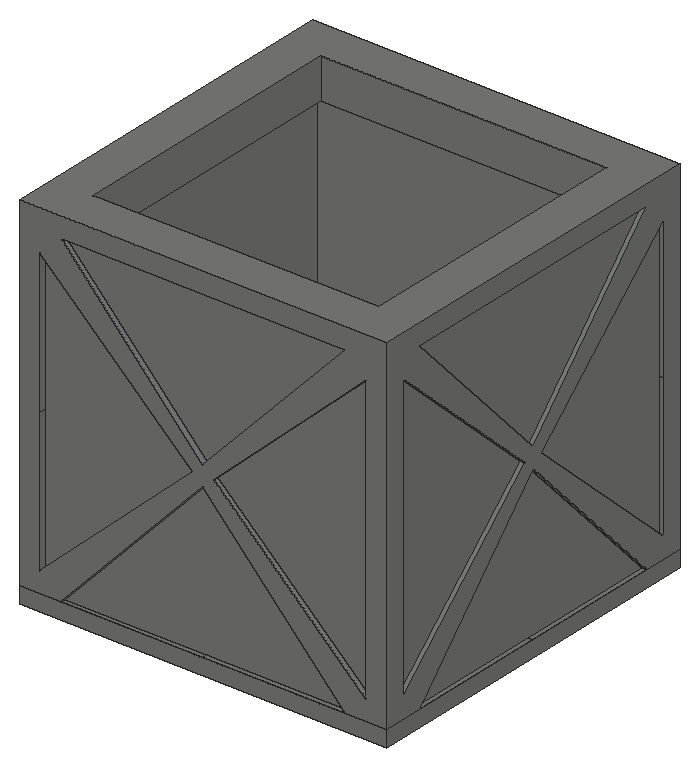
Revit family "Specialty_Equipment-Fiberglass_Planter-Planters_Unlimited-Xander-Rectangular & Square", category Specialty Equipment, Revit 2023
Family settings
  Round Connector Dimension = Use Diameter
  Part Type = Normal
  OmniClass Number = 23.40.05.21.17
  OmniClass Title = Planters
  Work Plane-Based = No
  Enable Cutting in Views = No
  Always vertical = Yes
  Cut with Voids When Loaded = No
  Maintain Annotation Orientation = No
  Shared = No
  Room Calculation Point = No
Parameters (values of type "18"L x 18"W x 18"H")
  URL = "https://www.plantersunlimited.com"
  Type Comments = if(CD_Length = CD_Width, "Square Planter", "Rectangular Planter")  # "Square Planter"
  Model = "Xander Series Planter"  # constant formula
  Manufacturer = "Planters Unlimited"  # constant formula
  Description = if(CD_Length = CD_Width, "Xander Square Planter", "Xander Rectangular Planter")  # "Xander Square Planter"
  Default Elevation = 0.0"
  CD_Width = 18.0"
  CD_Specification = "https://www.plantersunlimited.com/content/Planters/F1-XAN-REC.pdf"
  CD_Product Page URL = "https://www.plantersunlimited.com/xander-fiberglass-planter/"
  CD_Product Name [instance] = "Xander Planter"  # constant formula
  CD_Microsite = "https://www.caddetails.com/3404"
  CD_Height = 18.0"
  CD_Finish = Plastic-Fiberglass-Carlsbad-Semi_Gloss-Charcoal
  CD_Length = 18.0"
  CD_Created By = "CADdetails LTD. 2025"  # constant formula
  Assembly Code = "G2050600"
Types (86): name | Type Comments | Description | CD_Width | CD_Height | CD_Length
  18"L x 18"W x 18"H | "Square Planter" | "Xander Square Planter" | 18.0" | 18.0" | 18.0"
  18"L x 18"W x 24"H | "Square Planter" | "Xander Square Planter" | 18.0" | 24.0" | 18.0"
  18"L x 18"W x 30"H | "Square Planter" | "Xander Square Planter" | 18.0" | 30.0" | 18.0"
  18"L x 18"W x 36"H | "Square Planter" | "Xander Square Planter" | 18.0" | 36.0" | 18.0"
  18"L x 18"W x 42"H | "Square Planter" | "Xander Square Planter" | 18.0" | 42.0" | 18.0"
  24"L x 24"W x 18"H | "Square Planter" | "Xander Square Planter" | 24.0" | 18.0" | 24.0"
  24"L x 24"W x 24"H | "Square Planter" | "Xander Square Planter" | 24.0" | 24.0" | 24.0"
  24"L x 24"W x 30"H | "Square Planter" | "Xander Square Planter" | 24.0" | 30.0" | 24.0"
  24"L x 24"W x 36"H | "Square Planter" | "Xander Square Planter" | 24.0" | 36.0" | 24.0"
  24"L x 24"W x 42"H | "Square Planter" | "Xander Square Planter" | 24.0" | 42.0" | 24.0"
  30"L x 30"W x 18"H | "Square Planter" | "Xander Square Planter" | 30.0" | 18.0" | 30.0"
  30"L x 30"W x 24"H | "Square Planter" | "Xander Square Planter" | 30.0" | 24.0" | 30.0"
  30"L x 30"W x 30"H | "Square Planter" | "Xander Square Planter" | 30.0" | 30.0" | 30.0"
  30"L x 30"W x 36"H | "Square Planter" | "Xander Square Planter" | 30.0" | 36.0" | 30.0"
  30"L x 30"W x 42"H | "Square Planter" | "Xander Square Planter" | 30.0" | 42.0" | 30.0"
  36"L x 12"W x 18"H | "Rectangular Planter" | "Xander Rectangular Planter" | 12.0" | 18.0" | 36.0"
  36"L x 12"W x 24"H | "Rectangular Planter" | "Xander Rectangular Planter" | 12.0" | 24.0" | 36.0"
  36"L x 12"W x 30"H | "Rectangular Planter" | "Xander Rectangular Planter" | 12.0" | 30.0" | 36.0"
  36"L x 12"W x 36"H | "Rectangular Planter" | "Xander Rectangular Planter" | 12.0" | 36.0" | 36.0"
  36"L x 18"W x 18"H | "Rectangular Planter" | "Xander Rectangular Planter" | 18.0" | 18.0" | 36.0"
  36"L x 18"W x 24"H | "Rectangular Planter" | "Xander Rectangular Planter" | 18.0" | 24.0" | 36.0"
  36"L x 18"W x 30"H | "Rectangular Planter" | "Xander Rectangular Planter" | 18.0" | 30.0" | 36.0"
  36"L x 18"W x 36"H | "Rectangular Planter" | "Xander Rectangular Planter" | 18.0" | 36.0" | 36.0"
  36"L x 18"W x 42"H | "Rectangular Planter" | "Xander Rectangular Planter" | 18.0" | 42.0" | 36.0"
  36"L x 24"W x 18"H | "Rectangular Planter" | "Xander Rectangular Planter" | 24.0" | 18.0" | 36.0"
  36"L x 24"W x 24"H | "Rectangular Planter" | "Xander Rectangular Planter" | 24.0" | 24.0" | 36.0"
  36"L x 24"W x 30"H | "Rectangular Planter" | "Xander Rectangular Planter" | 24.0" | 30.0" | 36.0"
  36"L x 24"W x 36"H | "Rectangular Planter" | "Xander Rectangular Planter" | 24.0" | 36.0" | 36.0"
  36"L x 24"W x 42"H | "Rectangular Planter" | "Xander Rectangular Planter" | 24.0" | 42.0" | 36.0"
  36"L x 36"W x 18"H | "Square Planter" | "Xander Square Planter" | 36.0" | 18.0" | 36.0"
  36"L x 36"W x 24"H | "Square Planter" | "Xander Square Planter" | 36.0" | 24.0" | 36.0"
  36"L x 36"W x 30"H | "Square Planter" | "Xander Square Planter" | 36.0" | 30.0" | 36.0"
  36"L x 36"W x 36"H | "Square Planter" | "Xander Square Planter" | 36.0" | 36.0" | 36.0"
  36"L x 36"W x 42"H | "Square Planter" | "Xander Square Planter" | 36.0" | 42.0" | 36.0"
  42"L x 42"W x 18"H | "Square Planter" | "Xander Square Planter" | 42.0" | 18.0" | 42.0"
  42"L x 42"W x 24"H | "Square Planter" | "Xander Square Planter" | 42.0" | 24.0" | 42.0"
  42"L x 42"W x 30"H | "Square Planter" | "Xander Square Planter" | 42.0" | 30.0" | 42.0"
  42"L x 42"W x 36"H | "Square Planter" | "Xander Square Planter" | 42.0" | 36.0" | 42.0"
  42"L x 42"W x 42"H | "Square Planter" | "Xander Square Planter" | 42.0" | 42.0" | 42.0"
  48"L x 12"W x 18"H | "Rectangular Planter" | "Xander Rectangular Planter" | 12.0" | 18.0" | 48.0"
  48"L x 12"W x 24"H | "Rectangular Planter" | "Xander Rectangular Planter" | 12.0" | 24.0" | 48.0"
  48"L x 12"W x 30"H | "Rectangular Planter" | "Xander Rectangular Planter" | 12.0" | 30.0" | 48.0"
  48"L x 12"W x 36"H | "Rectangular Planter" | "Xander Rectangular Planter" | 12.0" | 36.0" | 48.0"
  48"L x 18"W x 18"H | "Rectangular Planter" | "Xander Rectangular Planter" | 18.0" | 18.0" | 48.0"
  48"L x 18"W x 24"H | "Rectangular Planter" | "Xander Rectangular Planter" | 18.0" | 24.0" | 48.0"
  48"L x 18"W x 30"H | "Rectangular Planter" | "Xander Rectangular Planter" | 18.0" | 30.0" | 48.0"
  48"L x 18"W x 36"H | "Rectangular Planter" | "Xander Rectangular Planter" | 18.0" | 36.0" | 48.0"
  48"L x 18"W x 42"H | "Rectangular Planter" | "Xander Rectangular Planter" | 18.0" | 42.0" | 48.0"
  48"L x 24"W x 18"H | "Rectangular Planter" | "Xander Rectangular Planter" | 24.0" | 18.0" | 48.0"
  48"L x 24"W x 24"H | "Rectangular Planter" | "Xander Rectangular Planter" | 24.0" | 24.0" | 48.0"
  48"L x 24"W x 30"H | "Rectangular Planter" | "Xander Rectangular Planter" | 24.0" | 30.0" | 48.0"
  48"L x 24"W x 36"H | "Rectangular Planter" | "Xander Rectangular Planter" | 24.0" | 36.0" | 48.0"
  48"L x 24"W x 42"H | "Rectangular Planter" | "Xander Rectangular Planter" | 24.0" | 42.0" | 48.0"
  48"L x 48"W x 18"H | "Square Planter" | "Xander Square Planter" | 48.0" | 18.0" | 48.0"
  48"L x 48"W x 24"H | "Square Planter" | "Xander Square Planter" | 48.0" | 24.0" | 48.0"
  48"L x 48"W x 30"H | "Square Planter" | "Xander Square Planter" | 48.0" | 30.0" | 48.0"
  48"L x 48"W x 36"H | "Square Planter" | "Xander Square Planter" | 48.0" | 36.0" | 48.0"
  48"L x 48"W x 42"H | "Square Planter" | "Xander Square Planter" | 48.0" | 42.0" | 48.0"
  60"L x 12"W x 18"H | "Rectangular Planter" | "Xander Rectangular Planter" | 12.0" | 18.0" | 60.0"
  60"L x 12"W x 24"H | "Rectangular Planter" | "Xander Rectangular Planter" | 12.0" | 24.0" | 60.0"
  60"L x 12"W x 30"H | "Rectangular Planter" | "Xander Rectangular Planter" | 12.0" | 30.0" | 60.0"
  60"L x 12"W x 36"H | "Rectangular Planter" | "Xander Rectangular Planter" | 12.0" | 36.0" | 60.0"
  60"L x 18"W x 18"H | "Rectangular Planter" | "Xander Rectangular Planter" | 18.0" | 18.0" | 60.0"
  60"L x 18"W x 24"H | "Rectangular Planter" | "Xander Rectangular Planter" | 18.0" | 24.0" | 60.0"
  60"L x 18"W x 30"H | "Rectangular Planter" | "Xander Rectangular Planter" | 18.0" | 30.0" | 60.0"
  60"L x 18"W x 36"H | "Rectangular Planter" | "Xander Rectangular Planter" | 18.0" | 36.0" | 60.0"
  60"L x 18"W x 42"H | "Rectangular Planter" | "Xander Rectangular Planter" | 18.0" | 42.0" | 60.0"
  60"L x 24"W x 18"H | "Rectangular Planter" | "Xander Rectangular Planter" | 24.0" | 18.0" | 60.0"
  60"L x 24"W x 24"H | "Rectangular Planter" | "Xander Rectangular Planter" | 24.0" | 24.0" | 60.0"
  60"L x 24"W x 30"H | "Rectangular Planter" | "Xander Rectangular Planter" | 24.0" | 30.0" | 60.0"
  60"L x 24"W x 36"H | "Rectangular Planter" | "Xander Rectangular Planter" | 24.0" | 36.0" | 60.0"
  60"L x 24"W x 42"H | "Rectangular Planter" | "Xander Rectangular Planter" | 24.0" | 42.0" | 60.0"
  72"L x 12"W x 18"H | "Rectangular Planter" | "Xander Rectangular Planter" | 12.0" | 18.0" | 72.0"
  72"L x 12"W x 24"H | "Rectangular Planter" | "Xander Rectangular Planter" | 12.0" | 24.0" | 72.0"
  72"L x 12"W x 30"H | "Rectangular Planter" | "Xander Rectangular Planter" | 12.0" | 30.0" | 72.0"
  72"L x 12"W x 36"H | "Rectangular Planter" | "Xander Rectangular Planter" | 12.0" | 36.0" | 72.0"
  72"L x 18"W x 18"H | "Rectangular Planter" | "Xander Rectangular Planter" | 18.0" | 18.0" | 72.0"
  72"L x 18"W x 24"H | "Rectangular Planter" | "Xander Rectangular Planter" | 18.0" | 24.0" | 72.0"
  72"L x 18"W x 30"H | "Rectangular Planter" | "Xander Rectangular Planter" | 18.0" | 30.0" | 72.0"
  72"L x 18"W x 36"H | "Rectangular Planter" | "Xander Rectangular Planter" | 18.0" | 36.0" | 72.0"
  72"L x 18"W x 42"H | "Rectangular Planter" | "Xander Rectangular Planter" | 18.0" | 42.0" | 72.0"
  72"L x 24"W x 18"H | "Rectangular Planter" | "Xander Rectangular Planter" | 24.0" | 18.0" | 72.0"
  72"L x 24"W x 24"H | "Rectangular Planter" | "Xander Rectangular Planter" | 24.0" | 24.0" | 72.0"
  72"L x 24"W x 30"H | "Rectangular Planter" | "Xander Rectangular Planter" | 24.0" | 30.0" | 72.0"
  72"L x 24"W x 36"H | "Rectangular Planter" | "Xander Rectangular Planter" | 24.0" | 36.0" | 72.0"
  72"L x 24"W x 42"H | "Rectangular Planter" | "Xander Rectangular Planter" | 24.0" | 42.0" | 72.0"
Reference planes (in)
  plane 1 "Center (Front/Back)": y = 0
  plane 2: z = 0
  plane 3 "Center (Left/Right)": x = 0
  plane 4 "Back": y = 9
  plane 5 "Front": y = -9
  plane 6 "Top": z = 18
  plane 7 "Bottom": z = 0
  plane 8 "Mid Plane": z = 9
  plane 9 "Left": x = -9
  plane 10 "Right": x = 9
  plane 11: z = 0.2
  plane 12 "Base board": z = 1
  plane 13 "F1": y = -8.75
  plane 14 "F2": z = 9.5
  plane 15 "F3": z = 8.5
  plane 16 "F4": x = 0.5
  plane 17 "F5": x = -0.5
  plane 18 "F6": x = -8.75
  plane 19 "F7": x = 8.75
  plane 20 "F8": y = 8.75
Forms (in)
  Sweep 1, solid, material "Plastic-Fiberglass-Carlsbad-Semi_Gloss-Charcoal" <- "CD_Finish", detail levels medium+fine
    path origin (0, 0, 0) x (-1, 0, 0) y (0, -1, 0)
      loop
        line (9, -9) -> (9, 9) -> (-9, 9) -> (-9, -9) -> (9, -9)
    profile origin (9, 0, 0) x (1, 0, 0) y (0, 0, 1)
      loop
        line (0, 18) -> (-2, 18) -> (-2, 16) -> (-1, 16) -> (-1, 0.2) -> (0, 0.2) -> (0, 18)
  Extrusion 2, solid, material "Plastic-Fiberglass-Carlsbad-Semi_Gloss-Charcoal" <- "CD_Finish"
    sketch origin (0, 0, 0) x (-1, 0, 0) y (0, -1, 0)
      loop
        line (9, -9) -> (9, 9) -> (-9, 9) -> (-9, -9) -> (9, -9)
    from 1 to 0.2
  Extrusion 3, void
    sketch origin (0, -9, 0) x (-1, 0, 0) y (0, 0, 1)
      loop
        line (0, 17) -> (-7, 17) -> (0, 9.5) -> (7, 17) -> (0, 17)
      loop
        line (0, 1) -> (7, 1) -> (0, 8.5) -> (-7, 1) -> (0, 1)
      loop
        line (-8, 9) -> (-8, 2) -> (-0.5, 9) -> (-8, 16) -> (-8, 9)
      loop
        line (8, 9) -> (8, 16) -> (0.5, 9) -> (8, 2) -> (8, 9)
    from 0 to 0.25
  Extrusion 4, void
    sketch origin (0, 18, 0) x (-1, 0, 0) y (0, 0, -1)
      loop
        line (0, -17) -> (7, -17) -> (0, -9.5) -> (-7, -17) -> (0, -17)
      loop
        line (0, -1) -> (-7, -1) -> (0, -8.5) -> (7, -1) -> (0, -1)
      loop
        line (-8, -9) -> (-8, -16) -> (-0.5, -9) -> (-8, -2) -> (-8, -9)
      loop
        line (8, -9) -> (8, -2) -> (0.5, -9) -> (8, -16) -> (8, -9)
    from 9 to 9.25
  Extrusion 5, void
    sketch origin (-18, 0, 0) x (0, 1, 0) y (0, 0, 1)
      loop
        line (0, 17) -> (-7, 17) -> (0, 9.5) -> (7, 17) -> (0, 17)
      loop
        line (0, 1) -> (7, 1) -> (0, 8.5) -> (-7, 1) -> (0, 1)
      loop
        line (-8, 9) -> (-8, 2) -> (-0.5, 9) -> (-8, 16) -> (-8, 9)
      loop
        line (8, 9) -> (8, 16) -> (0.5, 9) -> (8, 2) -> (8, 9)
    from 9 to 9.25
  Extrusion 6, void
    sketch origin (18, 0, 0) x (0, 1, 0) y (0, 0, -1)
      loop
        line (0, -17) -> (7, -17) -> (0, -9.5) -> (-7, -17) -> (0, -17)
      loop
        line (0, -1) -> (-7, -1) -> (0, -8.5) -> (7, -1) -> (0, -1)
      loop
        line (-8, -9) -> (-8, -16) -> (-0.5, -9) -> (-8, -2) -> (-8, -9)
      loop
        line (8, -9) -> (8, -2) -> (0.5, -9) -> (8, -16) -> (8, -9)
    from 9 to 9.25
  Extrusion 7, solid, material "Plastic-Fiberglass-Carlsbad-Semi_Gloss-Charcoal" <- "CD_Finish", detail levels coarse+medium
    sketch origin (0, 0, 1) x (-1, 0, 0) y (0, -1, 0)
      loop
        line (9, -9) -> (9, 9) -> (-9, 9) -> (-9, -9) -> (9, -9)
      loop
        line (-7, -7) -> (7, -7) -> (7, 7) -> (-7, 7) -> (-7, -7)
    from 0 to 17
Cuts and joins
  Extrusion 3, Extrusion 4, Extrusion 5, Extrusion 6 cuts Sweep 1
  Extrusion 4, Extrusion 5, Extrusion 6 cuts Extrusion 2
Dimensions and locks (in)
  plane 5 "Front" to plane 4 "Back" = 18.0"
  plane 5 "Front" to plane 1 "Center (Front/Back)" to plane 4 "Back" = 9.0", 9.0"
  "CD_Width": plane 4 "Back" to plane 5 "Front"
  plane 6 "Top" to level = 18.0"  (x2)
  "CD_Height": plane 6 "Top" to level
  equal spacing: plane 6 "Top", plane 8 "Mid Plane", level
  equal spacing: plane 9 "Left", plane 3 "Center (Left/Right)", plane 10 "Right"
  "CD_Length": plane 9 "Left" to plane 10 "Right"
  equal spacing: plane 4 "Back", plane 1 "Center (Front/Back)", plane 5 "Front"
  locked: Sweep 1 sketch curve to level at 0.2
  locked: plane 10 "Right" to Sweep 1 sketch curve at 1
  locked: plane 10 "Right" to Sweep 1 sketch curve at 2
  locked: plane 6 "Top" to Sweep 1 sketch curve at 2
  locked: plane 11 to level at 0.2
  locked: nested 2 to plane 10 "Right" at 5
  locked: nested 2 to plane 4 "Back" at 5
  locked: nested 3 to plane 5 "Front" at 5
  locked: nested 3 to plane 10 "Right" at 5
  locked: plane 9 "Left" to nested 5 at 5
  locked: nested 5 to plane 5 "Front" at 5
  locked: plane 4 "Back" to nested 4 at 5
  locked: plane 9 "Left" to nested 4 at 5
  locked: plane 12 "Base board" to level at 1
  locked: plane 6 "Top" to Extrusion 3 sketch curve at 1
  locked: plane 10 "Right" to Extrusion 3 sketch curve at 2  (x2)
  locked: Extrusion 3 sketch curve to plane 9 "Left" at 2  (x2)
  locked: plane 13 "F1" to plane 5 "Front" at 0.25
  locked: plane 14 "F2" to plane 8 "Mid Plane" at 0.5
  locked: plane 8 "Mid Plane" to plane 15 "F3" at 0.5
  plane 17 "F5" to plane 3 "Center (Left/Right)" to plane 16 "F4" = 0.5" locked, 0.5" locked
  locked: Extrusion 3 sketch curve to plane 9 "Left" at 1
  locked: plane 10 "Right" to Extrusion 3 sketch curve at 1
  locked: plane 6 "Top" to Extrusion 3 sketch curve at 2  (x2)
  locked: Extrusion 3 sketch curve to level at 2  (x2)
  locked: plane 9 "Left" to plane 18 "F6" at 0.25
  locked: plane 19 "F7" to plane 10 "Right" at 0.25
  locked: plane 20 "F8" to plane 4 "Back" at 0.25
  locked: plane 9 "Left" to Extrusion 7 sketch curve at 2
  locked: Extrusion 7 sketch curve to plane 5 "Front" at 2
  locked: Extrusion 7 sketch curve to plane 10 "Right" at 2
  locked: plane 4 "Back" to Extrusion 7 sketch curve at 2
  aligned and locked: plane 2 to level
  aligned and locked: plane 9 "Left" to Sweep 1 sketch curve
  aligned and locked: Sweep 1 sketch curve to plane 10 "Right"  (x2)
  aligned and locked: Sweep 1 sketch curve to plane 4 "Back"
  aligned and locked: plane 5 "Front" to Sweep 1 sketch curve
  aligned and locked: Sweep 1 sketch curve to plane 6 "Top"
  aligned and locked: plane 9 "Left" to Extrusion 2 sketch curve
  aligned and locked: Extrusion 2 sketch curve to plane 4 "Back"
  aligned and locked: Extrusion 2 sketch curve to plane 10 "Right"
  aligned and locked: plane 5 "Front" to Extrusion 2 sketch curve
  aligned and locked: Extrusion 2 to Sweep 1
  aligned and locked: plane 3 "Center (Left/Right)" to nested 1
  aligned and locked: plane 1 "Center (Front/Back)" to nested 1
  aligned and locked: plane 12 "Base board" to Extrusion 2
  aligned and locked: Extrusion 2 to plane 11
  aligned and locked: plane 14 "F2" to Extrusion 3 sketch curve
  aligned and locked: Extrusion 3 sketch curve to plane 12 "Base board"
  aligned and locked: plane 15 "F3" to Extrusion 3 sketch curve
  aligned and locked: plane 4 "Back" to Extrusion 4
  aligned and locked: Extrusion 5 to plane 9 "Left"
  aligned and locked: plane 18 "F6" to cut or joined group of Sweep 1, Extrusion 3, Extrusion 4, Extrusion 5, Extrusion 6
  aligned and locked: plane 19 "F7" to Extrusion 6
  aligned and locked: plane 10 "Right" to Extrusion 6
  aligned and locked: plane 20 "F8" to Extrusion 4
  aligned and locked: Extrusion 2 to Extrusion 4
  aligned and locked: Extrusion 7 sketch curve to plane 10 "Right"
  aligned and locked: plane 9 "Left" to Extrusion 7 sketch curve
  aligned and locked: plane 5 "Front" to Extrusion 7 sketch curve
  aligned and locked: Extrusion 7 sketch curve to plane 4 "Back"
  aligned and locked: plane 6 "Top" to Extrusion 7
Automatic sketch dimensions
  Extrusion 3 sketch curve to plane 8 "Mid Plane" = 0.0"  (x4)
  Extrusion 3 sketch curve to plane 16 "F4" = 0.0"
  Extrusion 3 sketch curve to plane 3 "Center (Left/Right)" = 0.0"  (x4)
  plane 17 "F5" to Extrusion 3 sketch curve = 0.0"
  Extrusion 4 sketch curve to plane 8 "Mid Plane" = 0.0"  (x4)
  Extrusion 4 sketch curve to plane 12 "Base board" = 0.0"
  Extrusion 4 sketch curve to plane 16 "F4" = 0.0"
  Extrusion 4 sketch curve to plane 3 "Center (Left/Right)" = 0.0"  (x4)
  plane 17 "F5" to Extrusion 4 sketch curve = 0.0"
  Extrusion 4 sketch curve to plane 14 "F2" = 0.0"
  Extrusion 4 sketch curve to plane 15 "F3" = 0.0"
  plane 19 "F7" to Extrusion 4 sketch curve = 1.75"  (x2)
  plane 19 "F7" to Extrusion 4 sketch curve = 0.75"
  plane 18 "F6" to Extrusion 4 sketch curve = 1.75"  (x2)
  plane 18 "F6" to Extrusion 4 sketch curve = 0.75"
  Extrusion 4 sketch curve to plane 6 "Top" = 2.0"  (x2)
  Extrusion 4 sketch curve to plane 6 "Top" = 1.0"
  plane 12 "Base board" to Extrusion 4 sketch curve = 1.0"  (x2)
  Extrusion 5 sketch curve to plane 8 "Mid Plane" = 0.0"  (x4)
  Extrusion 5 sketch curve to plane 12 "Base board" = 0.0"
  Extrusion 5 sketch curve to plane 1 "Center (Front/Back)" = 0.0"  (x4)
  plane 15 "F3" to Extrusion 5 sketch curve = 0.0"
  Extrusion 5 sketch curve to plane 14 "F2" = 0.0"
  plane 1 "Center (Front/Back)" to Extrusion 5 sketch curve = 0.5"
  plane 13 "F1" to Extrusion 5 sketch curve = 1.75"  (x2)
  plane 13 "F1" to Extrusion 5 sketch curve = 0.75"
  Extrusion 5 sketch curve to plane 1 "Center (Front/Back)" = 0.5"
  Extrusion 5 sketch curve to plane 4 "Back" = 2.0"  (x2)
  Extrusion 5 sketch curve to plane 4 "Back" = 1.0"
  plane 12 "Base board" to Extrusion 5 sketch curve = 1.0"  (x2)
  Extrusion 5 sketch curve to plane 6 "Top" = 2.0"  (x2)
  Extrusion 5 sketch curve to plane 6 "Top" = 1.0"
  Extrusion 6 sketch curve to plane 8 "Mid Plane" = 0.0"  (x4)
  Extrusion 6 sketch curve to plane 12 "Base board" = 0.0"
  Extrusion 6 sketch curve to plane 1 "Center (Front/Back)" = 0.0"  (x4)
  Extrusion 6 sketch curve to plane 14 "F2" = 0.0"
  plane 15 "F3" to Extrusion 6 sketch curve = 0.0"
  plane 1 "Center (Front/Back)" to Extrusion 6 sketch curve = 0.5"
  plane 13 "F1" to Extrusion 6 sketch curve = 1.75"  (x2)
  plane 13 "F1" to Extrusion 6 sketch curve = 0.75"
  Extrusion 6 sketch curve to plane 1 "Center (Front/Back)" = 0.5"
  Extrusion 6 sketch curve to plane 4 "Back" = 2.0"  (x2)
  Extrusion 6 sketch curve to plane 4 "Back" = 1.0"
  Extrusion 6 sketch curve to plane 6 "Top" = 2.0"  (x2)
  Extrusion 6 sketch curve to plane 6 "Top" = 1.0"
  plane 12 "Base board" to Extrusion 6 sketch curve = 1.0"  (x2)
Nested families (in)
  nested 1: "Pad" at (0, 0, 0), Material <- "CD_Finish", type "Pad"
    with Material Plastic-Fiberglass-Carlsbad-Semi_Gloss-Charcoal
  nested 2: "Pad" at (4, 4, 0), Material <- "CD_Finish", type "Pad"
    with Material Plastic-Fiberglass-Carlsbad-Semi_Gloss-Charcoal
  nested 3: "Pad" at (4, -4, 0), Material <- "CD_Finish", type "Pad"
    with Material Plastic-Fiberglass-Carlsbad-Semi_Gloss-Charcoal
  nested 4: "Pad" at (-4, 4, 0) x (-1, 0, 0) z (0, 0, 1), Material <- "CD_Finish", type "Pad"
    with Material Plastic-Fiberglass-Carlsbad-Semi_Gloss-Charcoal
  nested 5: "Pad" at (-4, -4, 0) x (-1, 0, 0) z (0, 0, 1), Material <- "CD_Finish", type "Pad"
    with Material Plastic-Fiberglass-Carlsbad-Semi_Gloss-Charcoal
Definition of nested family "Pad"
  Parameters (values of type "Pad")
    Material [instance] = none
    Default Elevation = 0.0"
    CD_Size = 2.0"
    CD_Height = 0.19922"
  Reference planes (in)
    plane 1 "Center (Front/Back)": y = 0
    plane 2: z = 0
    plane 3 "Center (Left/Right)": x = 0
    plane 4: z = 0.19922
  Forms (in)
    Extrusion 1, solid, material <- "Material"
      sketch origin (0, 0, 0) x (1, 0, 0) y (0, 1, 0)
        loop
          line (-1, 1) -> (-1, -1) -> (1, -1) -> (1, 1) -> (-1, 1)
      from 0 to 0.19922
  Dimensions and locks (in)
    equal spacing: Extrusion 1 sketch curve, plane 1 "Center (Front/Back)", Extrusion 1 sketch curve
    equal spacing: Extrusion 1 sketch curve, plane 3 "Center (Left/Right)", Extrusion 1 sketch curve
    "CD_Size": Extrusion 1 sketch curve to Extrusion 1 sketch curve  (x2)
    "CD_Height": plane 4 to level
    aligned and locked: plane 2 to level
    aligned and locked: plane 4 to Extrusion 1
    aligned and locked: Extrusion 1 to level
